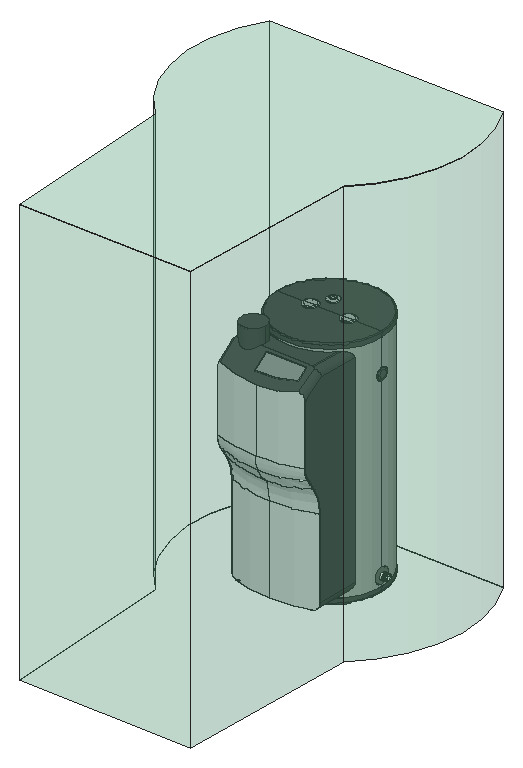
Revit family "Innovo GB_IR 32 285 GB NAT", category Mechanical Equipment, Revit 2015
Parameters (values of type "IR-32-285 GB NAT")
  Workspace Radius = Diameter + 170 mm  # 730 mm
  Workspace Height = Height + 1000 mm  # 2270 mm
  Workspace Front Distance = 1000 mm
  Working only during off-peak hour = no
  Width = Diameter  # 560 mm
  Workspace [instance] = yes
  Water heating energy efficiency class (2) = "-"
  Water heating energy efficiency class (1) = "A"  # constant formula
  Water heating energy efficiency (2) = "-"
  Water heating energy efficiency (1) = "92%"
  Warranty on tank = "36 months"  # constant formula
  Warranty on parts = "12 months"  # constant formula
  Voltage = 230 V  # constant formula
  Valve Height 02 = if(and(Height = 1745 mm, Diameter = 675 mm), 1518 mm, if(and(Height = 1745 mm, Diameter = 610 mm), 1534 mm, if(Height = 1545 mm, 1328 mm, 1070 mm)))  # 1070 mm
  Valve Height 01 = if(and(Diameter > 560 mm), 693 mm, 604 mm)  # 604 mm
  URL = "www.aosmith.co.uk"
  Type of Packaging = "Carton and Wood"  # constant formula
  Transport Weight = 114 kg
  Trade mark = "A.O. Smith"  # constant formula
  Thermostat temperature setting = 65 °C  # constant formula
  T&P Connection Rp = 3/4"
  Storage Capacity = 160.0 L
  Standard Set For = "G31"
  Stand-by Loss - daily (24h) = 0 W
  Stand-by Loss = 0 W
  Smart control = no
  Serial Number = "8717449285944"
  Seasonal Energy Efficiency Rating = [Energy Efficiency Rating (Hs, acc NEN-EN 89-1999)]  # 96
  Recovery Rate @ ΔT = 70°C = 150.0 L/s
  Recovery Rate @ ΔT = 55°C = 190.0 L/s
  Recovery Rate @ ΔT = 50°C = 200.0 L/s
  Recovery Rate @ ΔT = 44°C = 230.0 L/s
  Recovery Rate @ ΔT = 28°C = 360.0 L/s
  Product Instruction Link = ""
  Product Documentation Link = ""
  Precaustions during assembling, installation or maintenance = "see User, Installation, Service and Maintenance Manual"  # constant formula
  Power Consumption (peak) = 85 W
  Power Consumption (nominal) = 25 W
  Phase = 1
  Packaging Width = 786 mm  # constant formula
  Packaging Length = 946 mm  # constant formula
  Packaging Height = 1465 mm
  Other load profile = "-"
  Operating Weight = 274 kg
  Nominal Output = "11400"
  Nominal Heat Input (Net) = "10900"
  Nominal Heat Input (Gross) = "11800"
  Noice-level dB (A) = "<45"  # constant formula
  NOx Emissions mg/kWh = "38.0/23.0"
  NOx Emissions (air free, 0% O2) ppm = "23.0/14.0"
  Model identifier = "IR-12-160"
  Model = "IR-12-160 GB LP"
  Min. Setpoint = 40 °C  # constant formula
  Max. Setpoint = 85 °C  # constant formula
  Max. Operating Pressure = 550000.0 Pa
  Max. Flue Gas Outlet Temperature = 40 °C
  Manufacturer Number = "E 7110"  # constant formula
  Manufacturer = "A.O. Smith Water Products Company b.v."  # constant formula
  Maintenance Interval = "12 months"  # constant formula
  Load profile = "XL"
  Length = 780 mm  # constant formula
  Insulation Thickness = 50 mm
  Installation Type = "B23/C13/C33/C43/C53/C63"  # constant formula
  Indoor sound power level = "41 dB"
  Hot / Warm Water Connection R = 3/4"
  Height Warm Water Outlet = 1270 mm
  Height Gas Connection = 860 mm
  Height Flue Outlet = 1295 mm
  Height Cold Water Inlet = 170 mm
  Height Air Inlet = 1295 mm
  Height = 1270 mm
  Heating Up Time @ ΔT = 70°C = "42"
  Heating Up Time @ ΔT = 55°C = "34"
  Heating Up Time @ ΔT = 50°C = "31"
  Heating Up Time @ ΔT = 44°C = "27"
  Heating Up Time @ ΔT = 28°C = "17"
  Gas Supply Pressure = 3700.0 Pa
  Gas Flow Rate - Volume ltr/hr = "n.a."
  Gas Flow Rate - Mass kg/h = "0.80"
  Gas Connection R = 15"  # constant formula
  Gas Category = "II2E3P"  # constant formula
  Frequency = 50 Hz  # constant formula
  Flue Diameter - water heater = "80/125 mm/mm"  # constant formula
  Flue Diameter - parallel system = "2x80"  # constant formula
  Flue Diameter - concentric system = "80/125 mm/mm"  # constant formula
  Energy Efficiency Rating (Hs, acc NEN-EN 89-1999) = 96
  Energy Efficiency Rating (Hi, acc NEN-EN 89-1999) = 107
  Empty Weight = 95 kg
  Draw-off Capacity @ ΔT = 70°C after 90 min. = 270.0 L
  Draw-off Capacity @ ΔT = 70°C after 60 min. = 200.0 L
  Draw-off Capacity @ ΔT = 70°C after 30 min. = 120.0 L
  Draw-off Capacity @ ΔT = 70°C after 120 min. = 340.0 L
  Draw-off Capacity @ ΔT = 55°C after 90 min. = 370.0 L
  Draw-off Capacity @ ΔT = 55°C after 60 min. = 270.0 L
  Draw-off Capacity @ ΔT = 55°C after 30 min. = 180.0 L
  Draw-off Capacity @ ΔT = 55°C after 120 min. = 460.0 L
  Draw-off Capacity @ ΔT = 50°C after 90 min. = 410.0 L
  Draw-off Capacity @ ΔT = 50°C after 60 min. = 310.0 L
  Draw-off Capacity @ ΔT = 50°C after 30 min. = 210.0 L
  Draw-off Capacity @ ΔT = 50°C after 120 min. = 510.0 L
  Draw-off Capacity @ ΔT = 44°C after 90 min. = 480.0 L
  Draw-off Capacity @ ΔT = 44°C after 60 min. = 360.0 L
  Draw-off Capacity @ ΔT = 44°C after 30 min. = 250.0 L
  Draw-off Capacity @ ΔT = 44°C after 120 min. = 590.0 L
  Draw-off Capacity @ ΔT = 28°C after 90 min. = 780.0 L
  Draw-off Capacity @ ΔT = 28°C after 60 min. = 600.0 L
  Draw-off Capacity @ ΔT = 28°C after 30 min. = 420.0 L
  Draw-off Capacity @ ΔT = 28°C after 120 min. = 960.0 L
  Drain Valve Connection Rp = 3/4"  # constant formula
  Diameter = 560 mm
  Destination / Country = "UK & Ireland"  # constant formula
  Description = "Condensing High Efficiency Storage Water Heater"  # constant formula
  Default Setpoint = 65 °C  # constant formula
  Created By = "http://www.cadcompany.nl/"
  Condens Discharge Connection = 40 mm  # constant formula
  Cold Water Connection R = 3/4"  # constant formula
  Co2 Emissions (tol. +/- 1.0) vol% = "10"
  CE-PIN = "0063CQ3037"  # constant formula
  BIM Content Developer = "CAD & Company"  # constant formula
  Assembly Code = "D3010"
  Annual fuel consumption (2) = "-"
  Annual fuel consumption (1) = "16 GJ GCV"
  Annual electricity consumption (2) = "-"
  Annual electricity consumption (1) = "38 kWh"
  APS Pressure < = 115.0 Pa
  2nd Maintenance (general maintenance) = "12 months after installation"  # constant formula
  1e Maintenance (check-up) = "3 months after installation"  # constant formula
Reference planes
  plane 1 "Center (Front/Back)": y = 0
  plane 2: z = 0
  plane 3 "Center (Left/Right)": x = 0
  plane 4 "Pipe": through (-383.901, 912.349, 194.799) normal (-0.0879, -0.0879, 0.9923)
  plane 5 "footing": y = 118.925
  plane 6 "footing front": y = -237.85
  plane 7: x = -280
  plane 8: x = 280
  plane 9: z = 1270
Forms (mm)
  Revolve 1, solid, material "RAL 9005", detail levels medium+fine
    sketch origin (0, -237.85, 0) x (-1, 0, 0) y (0, 0, 1)
      loop
        line (0, 28.9) -> (-15, 28.9) -> (-15, 26.4) -> (-8.671, 26.4) -> (-8.671, 18) -> (-5.686, 18) -> (-6.626, 17.06) -> (-6.626, 12.06) -> (-8.671, 12.06) -> (-8.671, 10) -> (-10.031, 10) -> (-23.271, 5.181)
        arc (-23.271, 5.181) -> (-23.763, 4.836) -> (-24.017, 4.293) r 1.159
        line (-24.017, 4.293) -> (-24.017, 1.03)
        arc (-24.017, 1.03) -> (-23.715, 0.302) -> (-22.986, 0) r 1.03
        line (-22.986, 0) -> (0, 0) -> (0, 28.9)
      axis (0, 28.9) -> (0, 0)
    angle from 0 to 360
  Revolve 2, solid, material "RAL 9005", detail levels medium+fine
    sketch origin (0, 118.925, 0) x (-1, 0, 0) y (0, 0, 1)
      loop
        line (-180.984, 28.9) -> (-195.984, 28.9) -> (-195.984, 26.4) -> (-189.655, 26.4) -> (-189.655, 18) -> (-186.67, 18) -> (-187.61, 17.06) -> (-187.61, 12.06) -> (-189.655, 12.06) -> (-189.655, 10) -> (-191.015, 10) -> (-204.256, 5.181)
        arc (-204.256, 5.181) -> (-204.747, 4.836) -> (-205.001, 4.293) r 1.159
        line (-205.001, 4.293) -> (-205.001, 1.03)
        arc (-205.001, 1.03) -> (-204.699, 0.302) -> (-203.971, 0) r 1.03
        line (-203.971, 0) -> (-180.984, 0) -> (-180.984, 28.9)
      axis (-180.984, 28.9) -> (-180.984, 0)
    angle from 0 to 360
  Revolve 3, solid, material "RAL 9005", detail levels medium+fine
    sketch origin (0, 118.925, 0) x (-1, 0, 0) y (0, 0, 1)
      loop
        line (179.016, 28.9) -> (164.016, 28.9) -> (164.016, 26.4) -> (170.345, 26.4) -> (170.345, 18) -> (173.33, 18) -> (172.39, 17.06) -> (172.39, 12.06) -> (170.345, 12.06) -> (170.345, 10) -> (168.985, 10) -> (155.744, 5.181)
        arc (155.744, 5.181) -> (155.253, 4.836) -> (154.999, 4.293) r 1.159
        line (154.999, 4.293) -> (154.999, 1.03)
        arc (154.999, 1.03) -> (155.301, 0.302) -> (156.029, 0) r 1.03
        line (156.029, 0) -> (179.016, 0) -> (179.016, 28.9)
      axis (179.016, 28.9) -> (179.016, 0)
    angle from 0 to 360
Lines and regions (mm)
  symbolic lines
    curve 1: line (0, 280.06, 0) -> (0, -280.06, 0)
    curve 2: line (-255.06, 0, 0) -> (255.06, 0, 0)
  symbolic lines, style "Workspace"
    curve 3: line (623.261, 380.06, 0) -> (-623.261, 380.06, 0)
    curve 4: arc (-623.261, 380.06, 0) -> (-723.227, -99.209, 0) -> (-497.893, -533.856, 0) r 730
    curve 5: line (-497.893, -533.856, 0) -> (-454.283, -1492.825, 0)
    curve 6: line (-454.283, -1492.825, 0) -> (456.53, -1492.825, 0)
    curve 7: line (456.53, -1492.825, 0) -> (500.201, -531.695, 0)
    curve 8: arc (500.201, -531.695, 0) -> (723.44, -97.643, 0) -> (623.261, 380.06, 0) r 730
Dimensions and locks
  plane 5 "footing" to plane 1 "Center (Front/Back)" = 118.925 mm
  plane 1 "Center (Front/Back)" to plane 6 "footing front" = 237.85 mm
  "Diameter": plane 7 to plane 8
  equal spacing: plane 7, plane 3 "Center (Left/Right)", plane 8
  "Height": plane 9 to plane 2
  "Workspace Front Distance": curve 6 to nested 3
  "Workspace Radius": radius of curve 4
  "Workspace Radius": radius of curve 8
  aligned and locked: level to plane 2
  aligned and locked: nested 3 to Revolve 1 sketch curve
  aligned and locked: plane 3 "Center (Left/Right)" to Revolve 1 sketch curve
  aligned and locked: nested 3 to plane 1 "Center (Front/Back)"
  aligned and locked: plane 3 "Center (Left/Right)" to nested 3
  aligned and locked: nested 1 to plane 8
  aligned and locked: nested 5 to plane 8
  aligned and locked: nested 2 to plane 7
  aligned and locked: nested 4 to plane 7
  aligned and locked: nested 7 to plane 7
  aligned and locked: nested 8 to plane 3 "Center (Left/Right)"
  aligned and locked: plane 1 "Center (Front/Back)" to nested 8
  aligned and locked: nested 8 to nested 3
  aligned and locked: curve 5 to nested 8
  aligned and locked: curve 7 to nested 8
  aligned and locked: curve 3 to nested 8
Automatic sketch dimensions
  Revolve 1 sketch curve to level = 0 mm
  plane 3 "Center (Left/Right)" to Revolve 1 sketch curve = 5.686 mm
  Revolve 1 sketch curve to Revolve 1 sketch curve = 0.94 mm  (x2)
  Revolve 1 sketch curve to Revolve 1 sketch curve = 2.046 mm  (x2)
  Revolve 1 sketch curve to Revolve 1 sketch curve = 1.359 mm
  Revolve 1 sketch curve to Revolve 1 sketch curve = 6.329 mm
  level to Revolve 1 sketch curve = 4.091 mm
  Revolve 1 sketch curve to Revolve 1 sketch curve = 12.844 mm
  level to Revolve 1 sketch curve = 1.03 mm
  Revolve 1 sketch curve to Revolve 1 sketch curve = 0.111 mm
  level to Revolve 1 sketch curve = 5.181 mm
  Revolve 1 sketch curve to Revolve 1 sketch curve = 0.745 mm
  level to Revolve 1 sketch curve = 10 mm
  Revolve 1 sketch curve to Revolve 1 sketch curve = 2.06 mm
  Revolve 1 sketch curve to Revolve 1 sketch curve = 5 mm
  Revolve 1 sketch curve to Revolve 1 sketch curve = 8.4 mm
  Revolve 1 sketch curve to Revolve 1 sketch curve = 2.5 mm
  Revolve 1 sketch curve to level = 19.635 mm
  Revolve 1 sketch curve to Revolve 1 sketch curve = 46.465 mm
  Revolve 2 sketch curve to level = 0 mm
  level to Revolve 2 sketch curve = 1.03 mm
  Revolve 2 sketch curve to plane 8 = 74.999 mm
  level to Revolve 2 sketch curve = 5.181 mm
  Revolve 2 sketch curve to Revolve 2 sketch curve = 0.745 mm
  Revolve 2 sketch curve to Revolve 2 sketch curve = 0.397 mm
  Revolve 2 sketch curve to Revolve 2 sketch curve = 8.271 mm
  Revolve 2 sketch curve to Revolve 2 sketch curve = 13.241 mm
  Revolve 2 sketch curve to Revolve 2 sketch curve = 1.359 mm
  Revolve 2 sketch curve to Revolve 2 sketch curve = 6.329 mm
  Revolve 2 sketch curve to Revolve 2 sketch curve = 2.046 mm
  level to Revolve 2 sketch curve = 18 mm
  Revolve 2 sketch curve to Revolve 2 sketch curve = 0.94 mm  (x2)
  Revolve 2 sketch curve to Revolve 2 sketch curve = 8.671 mm
  Revolve 2 sketch curve to Revolve 2 sketch curve = 1.089 mm
  Revolve 2 sketch curve to Revolve 2 sketch curve = 8 mm
  Revolve 2 sketch curve to Revolve 2 sketch curve = 2.06 mm
  Revolve 2 sketch curve to Revolve 2 sketch curve = 8.4 mm
  Revolve 2 sketch curve to Revolve 2 sketch curve = 2.5 mm
  Revolve 2 sketch curve to Revolve 2 sketch curve = 0 mm
  Revolve 2 sketch curve to level = 19.635 mm
  Revolve 2 sketch curve to Revolve 2 sketch curve = 46.465 mm
  Revolve 3 sketch curve to level = 0 mm
  level to Revolve 3 sketch curve = 1.03 mm
  Revolve 3 sketch curve to plane 7 = 125.001 mm
  level to Revolve 3 sketch curve = 5.181 mm
  Revolve 3 sketch curve to Revolve 3 sketch curve = 0.745 mm
  Revolve 3 sketch curve to Revolve 3 sketch curve = 0.397 mm
  Revolve 3 sketch curve to Revolve 3 sketch curve = 8.271 mm
  Revolve 3 sketch curve to Revolve 3 sketch curve = 13.241 mm
  Revolve 3 sketch curve to Revolve 3 sketch curve = 1.359 mm
  Revolve 3 sketch curve to Revolve 3 sketch curve = 6.329 mm
  Revolve 3 sketch curve to Revolve 3 sketch curve = 2.046 mm
  level to Revolve 3 sketch curve = 18 mm
  Revolve 3 sketch curve to Revolve 3 sketch curve = 0.94 mm  (x2)
  Revolve 3 sketch curve to Revolve 3 sketch curve = 8.671 mm
  Revolve 3 sketch curve to Revolve 3 sketch curve = 1.089 mm
  Revolve 3 sketch curve to Revolve 3 sketch curve = 8 mm
  Revolve 3 sketch curve to Revolve 3 sketch curve = 2.06 mm
  Revolve 3 sketch curve to Revolve 3 sketch curve = 8.4 mm
  Revolve 3 sketch curve to Revolve 3 sketch curve = 2.5 mm
  Revolve 3 sketch curve to Revolve 3 sketch curve = 0 mm
  Revolve 3 sketch curve to level = 19.635 mm
  Revolve 3 sketch curve to Revolve 3 sketch curve = 46.465 mm
  curve 4 to curve 8 = 0 mm  (x2)
  plane 1 "Center (Front/Back)" to curve 2 = 0 mm
  curve 1 to plane 3 "Center (Left/Right)" = 0 mm
  plane 1 "Center (Front/Back)" to curve 4 = 0 mm
  curve 4 to plane 3 "Center (Left/Right)" = 0 mm
  curve 2 to plane 7 = 24.94 mm
  curve 2 to plane 8 = 24.94 mm
  curve 1 to plane 6 "footing front" = 42.21 mm
  plane 5 "footing" to curve 1 = 161.135 mm
Nested families
  nested 1: "Valve" at (280, -0.38, 1070) x (0, 1, 0) z (0, 0, 1), built-in parameter 1001364 <- "Valve Height 02", type "Valve"
  nested 2: "Drain Valve" at (-280, 0, 1070), built-in parameter 1001364 <- "Valve Height 02", type "Drain Valve"
  nested 3: "Housing Mother Housing S 57 (external)" at (0, -274.886, 0), type "Housing Mother_Housing S_57"
  nested 4: "Drain Valve" at (-280, 0, 177), type "Drain Valve"
  nested 5: "Drain Valve" at (280, 0, 107) x (-1, 0, 0) z (0, 0, 1), type "Drain Valve"
  nested 6: "Boiler" at (0, 0, 0), height <- "Height", type "Boiler"
    with height 1270 mm
  nested 7: "Drain Valve" at (-280, 0, 604), built-in parameter 1001364 <- "Valve Height 01", type "Drain Valve"
  nested 8: "Innovo_workspace" at (0, 0, 0), Workspace <- "Workspace", Workspace Distance Front <- "Workspace Front Distance", Workspace Height <- "Workspace Height", Workspace Radius <- "Workspace Radius", type "Workspace"
    with Workspace Radius 730 mm, Workspace Height 2270 mm, Workspace Distance Front 1000 mm, Workspace yes, Center to Front 492.825 mm
Connectors
  piping at (314.826, 0, 107), diameter 19.05, driven by "Drain Valve Connection Rp"
    settings: on nested 5, index 1, connector inside diameter 24", connector length 0 mm, flow factor 0, pipe flow 0.0 L/s, pressure drop 0.0 Pa, fitting loss kfactor 0, connector angle 0.00°, fixture units 0, engagement length 0 mm, angle of deflection 0.00°, flow configuration 0, flow direction 0, fitting loss method 0, system type 19, joint type 0, gender type 0, connector reference index -1, connector utility 0, adjustable connector no, is connector primary yes, connector description ""
  hvac at (-147.013, -321.326, 1310.674)
    settings: on nested 3, index 2, duct flow 0.0 L/s, flow factor 0, pres drop 0.0 Pa, loss coef 0, conn angle 0.00°, conn width 304.8 mm, conn height 304.8 mm, conn diameter 125 mm, duct sys type 4, conn prof type 0, flow config 0, flow direction 0, loss method 0, conn ref index -1, conn util no, is conn primary yes, conn desc ""
Definition of nested family "Valve"
  Parameters (values of type "Valve")
    Type Comments = "T&P valve (internal)"
    Manufacturer = "A.O. Smith"
  Reference planes
    plane 1 "Center (Front/Back)": y = 0
    plane 2: z = 0
    plane 3 "Center (Left/Right)": x = 0
  Forms (mm)
    Extrusion 1, solid, detail levels fine
      sketch origin (0, 0, 0) x (1, 0, 0) y (0, 0, 1)
        loop
          circle (0, 0) r 31.5
      from -2.271 to 1.4
    Sweep 2, solid, detail levels fine
      path origin (0, -1.4, 0) x (1, 0, 0) y (0, 0, 1)
        loop
          circle (0, 0) r 31.5
      profile origin (0, -1.4, 31.5) x (0, 0, -1) y (0, -1, 0)
        loop
          line (7.3, 0) -> (7.3, 3) -> (0, 0) -> (7.3, 0)
  Dimensions and locks
    aligned and locked: level to plane 2
Definition of nested family "Drain Valve"
  Reference planes
    plane 1 "Center (Front/Back)": y = 0
    plane 2: z = 0
    plane 3 "Center (Left/Right)": x = 0
  Forms (mm)
    Revolve 1, solid, detail levels medium+fine
      sketch origin (0, 0, 0) x (1, 0, 0) y (0, 0, 1)
        loop
          line (-33.442, 15.696) -> (-34.826, 14.329) -> (-34.93, 12.731) -> (-16.555, 12.731) -> (-16.555, 0) -> (15.787, 0) -> (15.787, 18.3) -> (-14.4, 18.3) -> (-17.148, 15.533) -> (-18.729, 16.697) -> (-20.091, 15.333) -> (-21.672, 16.496) -> (-23.034, 15.133) -> (-24.614, 16.296) -> (-25.976, 14.932) -> (-27.557, 16.096) -> (-28.919, 14.732) -> (-30.5, 15.896) -> (-31.862, 14.532) -> (-33.442, 15.696)
        axis (-34.93, 0) -> (15.787, 0)
      angle from 0 to 360
  Dimensions and locks
    aligned and locked: level to plane 2
  Nested families
    nested 1: "Rubber sealing" at (2.592, -0.155, 0) x (0.0023, -1, 0) z (0, 0, 1), type "Rubber sealing", detail levels fine
  Definition of nested family "Rubber sealing"
    Reference planes
      plane 1 "Center (Front/Back)": y = 0
      plane 2: z = 0
      plane 3 "Center (Left/Right)": x = 0
    Forms (mm)
      Extrusion 1, solid, detail levels fine
        sketch origin (141.861, 319.581, 0) x (1, 0, 0) y (0, 1, 0)
          loop
            line (-216.354, -311.898) -> (-216.354, -313.94)
            arc (-216.354, -313.94) -> (-141.602, -321.581) -> (-66.861, -313.835) r 366.966
            line (-66.861, -313.835) -> (-66.861, -311.791)
            arc (-66.861, -311.791) -> (-141.602, -319.581) -> (-216.354, -311.898) r 364.966
        from -80 to 80
      Extrusion 2, void
        sketch origin (141.861, 319.581, 0) x (1, 0, 0) y (0, 0, 1)
          loop
            circle (-141.861, 0) r 13
          loop
            circle (-141.861, 0) r 110
          loop
            circle (-141.861, 0) r 40
        from 311.563 to 332.684
      Extrusion 3, void
        sketch origin (141.861, 319.581, 0) x (1, 0, 0) y (0, 0, 1)
          loop
            circle (-141.861, 0) r 18.25
        from 315.524 to 326.084
    Cuts and joins
      Extrusion 2, Extrusion 3 cuts Extrusion 1
    Dimensions and locks
      aligned and locked: level to plane 2
Definition of nested family "Housing Mother Housing S 57 (external)"
  Parameters (values of type "Housing Mother_Housing S_57")
    radius [instance] = 280 mm
    distance to boiler center = if(diameter = 675 mm, 189 mm, if(diameter = 610 mm, 154 mm, 129 mm))  # 129 mm
    diameter = 560 mm
  Reference planes
    plane 1 "Center (Front/Back)": y = 0
    plane 2: z = 0
    plane 3 "Center (Left/Right)": x = 0
    plane 4 "left": through (-245.286, 145.886, 1200) normal (0.9994, 0.0349, 0)
    plane 5: y = -217.939
    plane 6: y = 145.886
    plane 7: z = 1232.6
    plane 8: z = 65.89
    plane 9 "right": through (245.286, 145.886, 1200) normal (0.9994, -0.0349, 0)
    plane 10 "display": through (0, -90.37, 1221.196) normal (0, -0.5736, 0.8192)
    plane 11 "Potentiostat": z = 867.899
    plane 12 "boiler center": y = 274.886
    plane 13: x = -280
    plane 14: x = 280
  Forms (mm)
    Extrusion 1, solid
      sketch origin (0, 0, 0) x (1, 0, 0) y (0, 1, 0)
        loop
          line (-245.286, 145.886) -> (-232.581, -217.939) -> (232.581, -217.939) -> (245.286, 145.886)
          arc (245.286, 145.886) -> (0, 0.923) -> (-245.286, 145.886) r 280
      from 0 to 1232.6
    Sweep 2, void
      path origin (0, 0, 0) x (0, 1, 0) y (0, 0, 1)
        loop
          line (-217.939, 1232.6) -> (-217.939, 795.555)
          arc (-217.939, 795.555) -> (-212.387, 754.285) -> (-197.694, 715.322) r 183.924
          arc (-197.694, 715.322) -> (-179.915, 684.628) -> (-159.106, 655.901) r 348.284
          arc (-159.106, 655.901) -> (-131.411, 600.328) -> (-121.88, 538.973) r 202.254
          line (-121.88, 538.973) -> (-121.88, 61.106)
      profile origin (0, -217.939, 1014.077) x (1, 0, 0) y (0, 1, 0)
        loop
          arc (0, 0) -> (-117.533, 9.941) -> (-231.728, 39.475) r 699.984
          arc (-231.728, 39.475) -> (-233.391, 40.705) -> (-234.07, 42.659) r 3.505
          line (-234.07, 42.659) -> (-254.062, 42.659) -> (-254.062, -142.593) -> (254.07, -142.593) -> (254.07, 42.659) -> (234.07, 42.659)
          arc (234.07, 42.659) -> (233.391, 40.705) -> (231.728, 39.475) r 3.505
          arc (231.728, 39.475) -> (117.533, 9.941) -> (0, 0) r 699.984
    Extrusion 3, void
      sketch origin (0, 0, 0) x (0, 1, 0) y (0, 0, 1)
        loop
          arc (102.864, 70.869) -> (99.804, 70.709) -> (96.874, 69.813) r 12.57
          arc (96.874, 69.813) -> (87.878, 66.533) -> (78.516, 64.529) r 69.114
          arc (78.516, 64.529) -> (76.41, 64.284) -> (74.294, 64.148) r 41.206
          arc (74.294, 64.148) -> (65.203, 64.335) -> (56.122, 64.782) r 318.661
          arc (56.122, 64.782) -> (30.585, 66.179) -> (5.028, 67.128) r 1456.581
          line (5.028, 67.128) -> (-84.534, 73.135)
          arc (-84.534, 73.135) -> (-86.363, 73.808) -> (-87.536, 75.365) r 3.455
          line (-87.536, 75.365) -> (-264.473, 75.365) -> (-264.473, 0) -> (160.886, 0) -> (160.886, 103.945) -> (145.886, 103.945)
          arc (145.886, 103.945) -> (145.104, 97.827) -> (142.923, 92.059) r 26.364
          arc (142.923, 92.059) -> (141.067, 88.936) -> (138.867, 86.045) r 31.715
          arc (138.867, 86.045) -> (135.576, 82.49) -> (132.021, 79.2) r 62.615
          arc (132.021, 79.2) -> (125.841, 74.697) -> (119.091, 71.103) r 54.444
          arc (119.091, 71.103) -> (116.371, 70.272) -> (113.531, 70.123) r 11.669
          line (113.531, 70.123) -> (102.864, 70.869)
      from -254.062 to 254.07
    Sweep 4, void
      path origin (0, 0, 0) x (1, 0, 0) y (0, 1, 0)
        loop
          line (-245.286, 145.886) -> (-232.581, -217.939)
      profile origin (-238.933, -36.027, 0) x (0.999391, 0.034899, 0) y (0, 0, 1)
        loop
          line (-4.454, 0) -> (47.084, 0) -> (47.084, 73.431)
          arc (47.084, 73.431) -> (14.222, 85.134) -> (0.255, 117.1) r 43.922
          line (0.255, 117.1) -> (-4.454, 117.1) -> (-4.454, 0)
    Sweep 5, void
      path origin (0, 0, 0) x (-1, 0, 0) y (0, 1, 0)
        loop
          line (-245.286, 145.886) -> (-232.581, -217.939)
      profile origin (238.933, -36.027, 0) x (0.999391, -0.034899, 0) y (0, 0, 1)
        loop
          line (4.454, 0) -> (4.454, 117.1) -> (-0.255, 117.1)
          arc (-0.255, 117.1) -> (-14.222, 85.134) -> (-47.084, 73.431) r 43.922
          line (-47.084, 73.431) -> (-47.084, 0) -> (4.454, 0)
    Sweep 6, void
      path origin (-239.899, -8.377, 0) x (-0.034899, 0.999391, 0) y (0, 0, 1)
        loop
          line (-209.69, 1141.272) -> (-79.18, 1232.6) -> (154.358, 1232.6)
      profile origin (-241.211, 29.188, 1232.6) x (0, 0, 1) y (0.999391, 0.034899, 0)
        loop
          line (-45, -30) -> (75, -30) -> (75, 0) -> (75, 55) -> (2.799, 55) -> (-1.253, 35.128)
          arc (-1.253, 35.128) -> (-16.771, 9.564) -> (-45, -0.308) r 44.287
          line (-45, -0.308) -> (-45, -30)
    Sweep 7, void
      path origin (239.899, -8.377, 0) x (0.034899, 0.999391, 0) y (0, 0, 1)
        loop
          line (-209.69, 1141.272) -> (-79.18, 1232.6) -> (154.358, 1232.6)
      profile origin (241.211, 29.188, 1232.6) x (0, 0, -1) y (-0.999391, 0.034899, 0)
        loop
          line (-75, -25) -> (45, -25) -> (45, -0.308)
          arc (45, -0.308) -> (16.771, 9.564) -> (1.253, 35.128) r 44.287
          line (1.253, 35.128) -> (-2.799, 55) -> (-75, 55) -> (-75, -25)
    Extrusion 8, void
      sketch origin (0, 0, 0) x (0, 1, 0) y (0, 0, 1)
        loop
          line (-270, 1336.099) -> (-270, 1099.081) -> (68.497, 1336.099) -> (-270, 1336.099)
      from -425.038 to 444.42
    Extrusion 9, solid, detail levels medium+fine
      sketch origin (0, 0, 0) x (1, 0, 0) y (0, 1, 0)
        loop
          circle (-147.013, -46.44) r 65
      from 1163.174 to 1310.674
    Extrusion 10, void
      sketch origin (0, -603.506, 861.895) x (0, 0.819152, 0.573576) y (-1, 0, 0)
        loop
          arc (618.322, -173) -> (623.272, -170.95) -> (625.322, -166) r 7
          line (625.322, -166) -> (625.322, 35)
          arc (625.322, 35) -> (623.272, 39.95) -> (618.322, 42) r 7
          line (618.322, 42) -> (535.473, 42)
          arc (535.473, 42) -> (530.688, 40.11) -> (528.488, 35.46) r 7
          arc (528.488, 35.46) -> (531.569, -67.592) -> (554.18, -168.18) r 540
          arc (554.18, -168.18) -> (556.724, -171.668) -> (560.831, -173) r 7
          line (560.831, -173) -> (618.322, -173)
      from 0 to 137.286
    Sweep 11, solid, detail levels fine
      path origin (0, 0, 867.899) x (-1, 0, 0) y (0, -1, 0)
        loop
          line (309.749, -35.617) -> (204.371, -35.617)
          arc (204.371, -35.617) -> (196.509, -34.687) -> (189.082, -31.947) r 33.677
          line (189.082, -31.947) -> (-9.574, 69.274)
      profile origin (-257.06, 35.617, 867.899) x (0, 1, 0) y (0, 0, 1)
        loop
          circle (0, 0) r 7.316
        loop
          circle (0, 0) r 6.465
    Revolve 12, void
      sketch origin (0, 274.886, 0) x (-1, 0, 0) y (0, 0, 1)
        loop
          line (280, 1243.838) -> (0, 1243.838) -> (0, 54.9) -> (280, 54.9) -> (280, 1243.838)
        axis (0, 1243.838) -> (0, 54.9)
      angle from 0 to 360
  Cuts and joins
    Sweep 2, Extrusion 3, Sweep 4, Sweep 5, Sweep 6, Sweep 7, Extrusion 8, Extrusion 10, Revolve 12 cuts Extrusion 1
  Dimensions and locks
    plane 8 to plane 2 = 65.89 mm
    plane 7 to plane 8 = 1166.71 mm
    "distance to boiler center": plane 12 "boiler center" to plane 6
    "diameter": plane 14 to plane 13
    equal spacing: plane 14, plane 3 "Center (Left/Right)", plane 13
    "radius": plane 3 "Center (Left/Right)" to plane 13
    aligned and locked: level to plane 2
    aligned and locked: Extrusion 1 to plane 7
    aligned and locked: Extrusion 1 sketch curve to plane 5
    aligned and locked: Sweep 2 to Extrusion 3
    aligned and locked: Extrusion 3 to Sweep 2  (x2)
    aligned and locked: plane 7 to Sweep 2 sketch curve
    aligned and locked: plane 3 "Center (Left/Right)" to Revolve 12 sketch curve
    aligned and locked: Revolve 12 sketch curve to plane 3 "Center (Left/Right)"
    aligned and locked: plane 13 to Revolve 12 sketch curve
  Automatic sketch dimensions
    Extrusion 1 sketch curve to plane 4 "left" = 0 mm  (x2)
    Extrusion 1 sketch curve to plane 6 = 0 mm  (x2)
    Extrusion 1 sketch curve to plane 3 "Center (Left/Right)" = 0 mm
    Extrusion 1 sketch curve to plane 9 "right" = 0 mm
    plane 6 to Extrusion 1 sketch curve = 135.037 mm
    Sweep 2 sketch curve to plane 5 = 0 mm
    plane 5 to Sweep 2 sketch curve = 106.195 mm
    Sweep 2 sketch curve to plane 5 = 96.059 mm
    plane 1 "Center (Front/Back)" to Sweep 2 sketch curve = 34.053 mm
    plane 11 "Potentiostat" to Sweep 2 sketch curve = 6.417 mm
    Sweep 2 sketch curve to plane 6 = 33.705 mm
    Sweep 2 sketch curve to plane 11 "Potentiostat" = 68.615 mm
    Sweep 2 sketch curve to plane 11 "Potentiostat" = 72.345 mm
    Sweep 2 sketch curve to Sweep 2 sketch curve = 176.349 mm
    Sweep 2 sketch curve to Sweep 2 sketch curve = 0 mm  (x2)
    plane 8 to Sweep 2 sketch curve = 4.784 mm
    Extrusion 3 sketch curve to level = 0 mm
    Extrusion 3 sketch curve to plane 6 = 0 mm
    Extrusion 3 sketch curve to plane 6 = 26.363 mm
    Extrusion 3 sketch curve to Extrusion 3 sketch curve = 4.75 mm
    Extrusion 3 sketch curve to Extrusion 3 sketch curve = 5.179 mm
    Extrusion 3 sketch curve to plane 8 = 4.232 mm
    Extrusion 3 sketch curve to Extrusion 3 sketch curve = 0.814 mm
    Extrusion 3 sketch curve to plane 8 = 4.978 mm
    Extrusion 3 sketch curve to Extrusion 3 sketch curve = 10.667 mm
    Extrusion 3 sketch curve to Extrusion 3 sketch curve = 0.877 mm
    Extrusion 3 sketch curve to Extrusion 3 sketch curve = 17.827 mm
    Extrusion 3 sketch curve to Extrusion 3 sketch curve = 5.646 mm
    Extrusion 3 sketch curve to plane 6 = 69.562 mm
    Extrusion 3 sketch curve to Extrusion 3 sketch curve = 18.6 mm
    Extrusion 3 sketch curve to Extrusion 3 sketch curve = 22.538 mm
    Extrusion 3 sketch curve to plane 8 = 1.238 mm
    Extrusion 3 sketch curve to plane 1 "Center (Front/Back)" = 5.028 mm
    plane 1 "Center (Front/Back)" to Extrusion 3 sketch curve = 36.224 mm
    Extrusion 3 sketch curve to plane 8 = 10.692 mm
    plane 1 "Center (Front/Back)" to Extrusion 3 sketch curve = 84.302 mm
    Extrusion 3 sketch curve to plane 8 = 7.244 mm
    Extrusion 3 sketch curve to Extrusion 3 sketch curve = 0.231 mm
    Extrusion 3 sketch curve to Extrusion 3 sketch curve = 3.234 mm
    plane 5 to Extrusion 3 sketch curve = 46.534 mm
    plane 6 to Extrusion 3 sketch curve = 15 mm
    Extrusion 3 sketch curve to level = 1388.869 mm
    plane 8 to Extrusion 3 sketch curve = 7.561 mm
    Extrusion 3 sketch curve to Extrusion 3 sketch curve = 11.64 mm
    Extrusion 3 sketch curve to plane 8 = 38.054 mm
    Extrusion 3 sketch curve to Extrusion 3 sketch curve = 22.442 mm
    Extrusion 3 sketch curve to plane 8 = 39.432 mm
    Extrusion 3 sketch curve to Extrusion 3 sketch curve = 2.466 mm
    Extrusion 3 sketch curve to Extrusion 3 sketch curve = 14.17 mm
    Extrusion 3 sketch curve to Extrusion 3 sketch curve = 5.925 mm
    Extrusion 3 sketch curve to Extrusion 3 sketch curve = 6.186 mm
    Extrusion 3 sketch curve to Extrusion 3 sketch curve = 249.85 mm
    Extrusion 3 sketch curve to Extrusion 3 sketch curve = 0 mm  (x4)
    Extrusion 3 sketch curve to Extrusion 3 sketch curve = 6.845 mm
    plane 8 to Extrusion 3 sketch curve = 1.743 mm
    Sweep 4 sketch curve to plane 4 "left" = 0 mm  (x2)
    Sweep 4 sketch curve to plane 6 = 0 mm
    plane 5 to Sweep 4 sketch curve = 0 mm
    Sweep 4 sketch curve to level = 0 mm
    profile plane to Sweep 4 sketch curve = 4.454 mm
    Sweep 4 sketch curve to profile plane = 0.255 mm
    Sweep 4 sketch curve to Sweep 4 sketch curve = 43.922 mm
    Sweep 4 sketch curve to profile plane = 47.084 mm
    level to Sweep 4 sketch curve = 73.431 mm
    Sweep 4 sketch curve to Sweep 4 sketch curve = 43.669 mm
    Sweep 5 sketch curve to plane 6 = 0 mm
    Sweep 5 sketch curve to plane 9 "right" = 0 mm  (x2)
    plane 5 to Sweep 5 sketch curve = 0 mm
    Sweep 5 sketch curve to level = 0 mm
    profile plane to Sweep 5 sketch curve = 47.084 mm
    Sweep 5 sketch curve to Sweep 5 sketch curve = 2.907 mm
    profile plane to Sweep 5 sketch curve = 0.255 mm
    Sweep 5 sketch curve to profile plane = 4.454 mm
    level to Sweep 5 sketch curve = 73.431 mm
    Sweep 5 sketch curve to Sweep 5 sketch curve = 43.669 mm
    Sweep 6 sketch curve to plane 7 = 0 mm
    plane 7 to Sweep 6 sketch curve = 91.328 mm
    Sweep 6 sketch curve to Sweep 6 sketch curve = 130.509 mm
    Sweep 6 sketch curve to Sweep 6 sketch curve = 233.538 mm
    Sweep 6 sketch curve to plane 4 "left" = 0 mm
    profile plane to Sweep 6 sketch curve = 45 mm
    Sweep 6 sketch curve to Sweep 6 sketch curve = 0.354 mm
    profile plane to Sweep 6 sketch curve = 1.253 mm
    Sweep 6 sketch curve to profile plane = 2.799 mm
    Sweep 6 sketch curve to Sweep 6 sketch curve = 72.201 mm
    Sweep 6 sketch curve to plane 4 "left" = 0.308 mm
    Sweep 6 sketch curve to Sweep 6 sketch curve = 29.692 mm
    plane 4 "left" to Sweep 6 sketch curve = 35.128 mm
    plane 4 "left" to Sweep 6 sketch curve = 55 mm
    Sweep 7 sketch curve to plane 7 = 0 mm
    Sweep 7 sketch curve to plane 7 = 91.328 mm
    Sweep 7 sketch curve to Sweep 7 sketch curve = 130.509 mm
    Sweep 7 sketch curve to Sweep 7 sketch curve = 233.538 mm
    Sweep 7 sketch curve to plane 9 "right" = 25 mm
    profile plane to Sweep 7 sketch curve = 75 mm
    profile plane to Sweep 7 sketch curve = 2.799 mm
    Sweep 7 sketch curve to profile plane = 1.253 mm
    Sweep 7 sketch curve to Sweep 7 sketch curve = 43.393 mm
    Sweep 7 sketch curve to profile plane = 45 mm
    Sweep 7 sketch curve to plane 9 "right" = 0.308 mm
    plane 9 "right" to Sweep 7 sketch curve = 35.128 mm
    Sweep 7 sketch curve to Sweep 7 sketch curve = 19.872 mm
    plane 5 to Extrusion 8 sketch curve = 52.061 mm
    Extrusion 8 sketch curve to plane 1 "Center (Front/Back)" = 68.497 mm
    plane 7 to Extrusion 8 sketch curve = 133.519 mm
    Extrusion 8 sketch curve to plane 7 = 103.499 mm
    plane 1 "Center (Front/Back)" to Extrusion 9 sketch curve = 46.44 mm
    Extrusion 9 sketch curve to plane 3 "Center (Left/Right)" = 147.013 mm
    Extrusion 10 sketch curve to plane 3 "Center (Left/Right)" = 0 mm
    Extrusion 10 sketch curve to plane 3 "Center (Left/Right)" = 35 mm
    Extrusion 10 sketch curve to Extrusion 10 sketch curve = 25.359 mm
    Extrusion 10 sketch curve to Extrusion 10 sketch curve = 57.491 mm
    Extrusion 10 sketch curve to plane 3 "Center (Left/Right)" = 42 mm
    Extrusion 10 sketch curve to Extrusion 10 sketch curve = 82.85 mm
    Extrusion 10 sketch curve to Extrusion 10 sketch curve = 7 mm
    Extrusion 10 sketch curve to Extrusion 10 sketch curve = 442 mm
    plane 3 "Center (Left/Right)" to Extrusion 10 sketch curve = 166 mm
    Extrusion 10 sketch curve to Extrusion 10 sketch curve = 0 mm  (x2)
    Sweep 11 sketch curve to plane 1 "Center (Front/Back)" = 31.947 mm
    Sweep 11 sketch curve to plane 3 "Center (Left/Right)" = 189.082 mm
    Sweep 11 sketch curve to plane 1 "Center (Front/Back)" = 1.94 mm
    Sweep 11 sketch curve to Sweep 11 sketch curve = 15.289 mm
    plane 3 "Center (Left/Right)" to Sweep 11 sketch curve = 9.574 mm
    Sweep 11 sketch curve to Sweep 11 sketch curve = 105.378 mm
    plane 1 "Center (Front/Back)" to Sweep 11 sketch curve = 69.274 mm
    Sweep 11 sketch curve to Sweep 11 sketch curve = 0 mm  (x2)
    Sweep 11 sketch curve to plane 11 "Potentiostat" = 0 mm
    Sweep 11 sketch curve to profile plane = 0 mm
    plane 8 to Revolve 12 sketch curve = 10.99 mm
    Revolve 12 sketch curve to plane 7 = 11.238 mm
    Revolve 12 sketch curve to level = 366.045 mm
    Revolve 12 sketch curve to Revolve 12 sketch curve = 971.917 mm
    Sweep 2 sketch curve to plane 3 "Center (Left/Right)" = 0 mm
    profile plane to Sweep 2 sketch curve = 0 mm
    Sweep 2 sketch curve to plane 3 "Center (Left/Right)" = 0.016 mm
    Sweep 2 sketch curve to profile plane = 42.782 mm  (x2)
    Sweep 2 sketch curve to plane 3 "Center (Left/Right)" = 230.568 mm
    plane 3 "Center (Left/Right)" to Sweep 2 sketch curve = 0.016 mm
    plane 3 "Center (Left/Right)" to Sweep 2 sketch curve = 230.568 mm
    Sweep 2 sketch curve to Sweep 2 sketch curve = 3.502 mm  (x2)
    Sweep 2 sketch curve to Sweep 2 sketch curve = 20 mm
    profile plane to Sweep 2 sketch curve = 142.593 mm
    Sweep 2 sketch curve to Sweep 2 sketch curve = 0.122 mm  (x2)
    Sweep 2 sketch curve to Sweep 2 sketch curve = 657.203 mm
    Sweep 2 sketch curve to Sweep 2 sketch curve = 19.991 mm
    radius of Extrusion 9 sketch curve = 65 mm
    radius of Sweep 11 sketch curve = 7.316 mm
    radius of Sweep 11 sketch curve = 6.465 mm
  Nested families
    nested 1: "display" at (65.5, -130.939, 1192.79) x (-1, 0, 0) z (0, -0.5736, 0.8192), type "display"
  Definition of nested family "display"
    Parameters (values of type "display")
      Default Elevation = 1219.2 mm
    Reference planes
      plane 1 "Center (Front/Back)": y = 0
      plane 2: z = 0
      plane 3 "Center (Left/Right)": x = 0
    Forms (mm)
      Extrusion 1, solid, detail levels medium+fine
        sketch origin (-16.958, 11.842, -343.878) x (1, 0, 0) y (0, 0, -1)
          loop
            line (-233.523, -343.878) -> (-233.523, -346.592) -> (332.686, -346.592) -> (332.686, -343.878) -> (-233.523, -343.878)
        from -228.7 to 150.822
      Extrusion 2, void
        sketch origin (-16.958, 6.842, -343.878) x (1, 0, 0) y (0, 1, 0)
          loop
            line (-233.523, 155.822) -> (-233.523, -223.7) -> (332.686, -223.7) -> (332.686, 155.822) -> (-233.523, 155.822)
          loop
            arc (-90.542, -48.267) -> (-88.492, -53.216) -> (-83.542, -55.267) r 7
            line (-83.542, -55.267) -> (117.458, -55.267)
            arc (117.458, -55.267) -> (122.408, -53.216) -> (124.458, -48.267) r 7
            line (124.458, -48.267) -> (124.458, 34.583)
            arc (124.458, 34.583) -> (122.568, 39.368) -> (117.918, 41.568) r 7
            arc (117.918, 41.568) -> (14.866, 38.487) -> (-85.722, 15.876) r 540
            arc (-85.722, 15.876) -> (-89.21, 13.332) -> (-90.542, 9.224) r 7
            line (-90.542, 9.224) -> (-90.542, -48.267)
        from 328.878 to 363.083
    Cuts and joins
      Extrusion 2 cuts Extrusion 1
    Dimensions and locks
      aligned and locked: level to plane 2
Definition of nested family "Boiler"
  Parameters (values of type "Boiler")
    radius [instance] = 280 mm
    height [instance] = 1270 mm
    Diameter = 560 mm
  Reference planes
    plane 1 "Center (Front/Back)": y = 0
    plane 2: z = 0
    plane 3 "Center (Left/Right)": x = 0
    plane 4: z = 1243.838
    plane 5: z = 1270
    plane 6 "bottom": z = 28.9
    plane 7: z = 54.9
    plane 8 "top controle": y = 88
    plane 9: x = -280
    plane 10: x = 280
  Forms (mm)
    Revolve 1, solid
      sketch origin (0, 0, 0) x (1, 0, 0) y (0, 0, 1)
        loop
          line (0, 54.9) -> (-280, 54.9) -> (-280, 32.9)
          arc (-280, 32.9) -> (-278.828, 30.072) -> (-276, 28.9) r 4
          line (-276, 28.9) -> (0, 28.9) -> (0, 54.9)
        axis (0, 28.9) -> (0, 54.9)
      angle from 0 to 360
    Revolve 2, solid
      sketch origin (1.311, 0, 0) x (1, 0, 0) y (0, 0, 1)
        loop
          line (-278.86, 1243.838) -> (-278.86, 54.9) -> (-1.311, 54.9) -> (-1.311, 1243.838) -> (-278.86, 1243.838)
        axis (-1.311, 1243.838) -> (-1.311, 54.9)
      angle from 0 to 360
    Revolve 3, solid
      sketch origin (-9.205, 0, 377.212) x (-1, 0, 0) y (0, 0, 1)
        loop
          line (-148.904, 892.788) -> (-110.805, 892.788) -> (-110.805, 895.963) -> (-141.883, 895.963) -> (-148.904, 893.62) -> (-148.904, 892.788)
        axis (-110.805, 892.788) -> (-110.805, 895.963)
      angle from 0 to 360
    Revolve 4, solid
      sketch origin (0, 0, 718.065) x (1, 0, 0) y (0, 0, -1)
        loop
          line (0, -525.773) -> (-280, -525.773) -> (-280, -547.935)
          arc (-280, -547.935) -> (-278.828, -550.763) -> (-276, -551.935) r 4
          line (-276, -551.935) -> (0, -551.935) -> (0, -525.773)
        axis (0, -551.935) -> (0, -525.773)
      angle from 0 to 360
    Revolve 5, solid
      sketch origin (0, 88, 0) x (1, 0, 0) y (0, 0, 1)
        loop
          line (-19.051, 1270) -> (-19.051, 1271.074) -> (-32.63, 1275.604) -> (-32.63, 1271.117) -> (-37.266, 1271.117) -> (-38.383, 1270) -> (-19.051, 1270)
        axis (-50.8, 1270) -> (-50.8, 1275.604)
      angle from 0 to 360
    Revolve 6, solid
      sketch origin (-217.12, 0, 372.245) x (-1, 0, 0) y (0, 0, 1)
        loop
          line (-153.622, 897.755) -> (-115.52, 897.755) -> (-115.52, 900.93) -> (-146.626, 900.93) -> (-153.622, 898.596) -> (-153.622, 897.755)
        axis (-115.52, 897.755) -> (-115.52, 900.93)
      angle from 0 to 360
  Dimensions and locks
    "height": plane 5 to plane 2
    plane 6 "bottom" to plane 2 = 28.9 mm
    locked: plane 5 to plane 4 at 26.162
    locked: plane 1 "Center (Front/Back)" to plane 8 "top controle" at 88
    "Diameter": plane 10 to plane 9
    equal spacing: plane 10, plane 3 "Center (Left/Right)", plane 9
    "radius": plane 3 "Center (Left/Right)" to plane 9
    locked: plane 9 to Revolve 2 sketch curve at 2.452
    aligned and locked: level to plane 2
    aligned and locked: Revolve 2 sketch curve to plane 7
    aligned and locked: Revolve 2 sketch curve to plane 4
    aligned and locked: Revolve 1 sketch curve to plane 7
    aligned and locked: plane 6 "bottom" to Revolve 1 sketch curve
    aligned and locked: Revolve 4 sketch curve to plane 3 "Center (Left/Right)"
    aligned and locked: plane 5 to Revolve 4 sketch curve
    aligned and locked: Revolve 4 sketch curve to plane 4
    aligned and locked: plane 9 to Revolve 4 sketch curve
    aligned and locked: Revolve 1 sketch curve to plane 9
    aligned and locked: Revolve 2 sketch curve to plane 3 "Center (Left/Right)"
    aligned and locked: plane 3 "Center (Left/Right)" to Revolve 2 sketch curve
  Automatic sketch dimensions
    Revolve 1 sketch curve to plane 3 "Center (Left/Right)" = 0 mm  (x2)
    Revolve 1 sketch curve to Revolve 1 sketch curve = 4 mm
    Revolve 1 sketch curve to level = 40 mm
    Revolve 1 sketch curve to Revolve 1 sketch curve = 305.1 mm
    Revolve 2 sketch curve to level = 366.045 mm
    Revolve 2 sketch curve to plane 5 = 945.755 mm
    Revolve 3 sketch curve to plane 5 = 0 mm
    Revolve 3 sketch curve to plane 3 "Center (Left/Right)" = 139.699 mm
    plane 5 to Revolve 3 sketch curve = 3.175 mm
    Revolve 3 sketch curve to Revolve 3 sketch curve = 7.022 mm
    Revolve 3 sketch curve to Revolve 3 sketch curve = 31.078 mm
    Revolve 3 sketch curve to Revolve 3 sketch curve = 0.832 mm
    Revolve 3 sketch curve to Revolve 3 sketch curve = 0 mm
    Revolve 3 sketch curve to Revolve 3 sketch curve = 2.338 mm
    Revolve 3 sketch curve to Revolve 3 sketch curve = 4.487 mm
    Revolve 4 sketch curve to plane 3 "Center (Left/Right)" = 0 mm
    Revolve 4 sketch curve to Revolve 4 sketch curve = 4 mm
    Revolve 4 sketch curve to Revolve 4 sketch curve = 68.738 mm
    Revolve 4 sketch curve to Revolve 4 sketch curve = 305.1 mm
    Revolve 6 sketch curve to plane 5 = 0 mm
    plane 3 "Center (Left/Right)" to Revolve 6 sketch curve = 63.497 mm
    plane 5 to Revolve 6 sketch curve = 3.175 mm
    Revolve 6 sketch curve to Revolve 6 sketch curve = 6.997 mm
    Revolve 6 sketch curve to Revolve 6 sketch curve = 31.106 mm
    Revolve 6 sketch curve to Revolve 6 sketch curve = 0.84 mm
    Revolve 6 sketch curve to Revolve 6 sketch curve = 0 mm
    Revolve 6 sketch curve to Revolve 6 sketch curve = 7.216 mm
    Revolve 6 sketch curve to Revolve 6 sketch curve = 0.391 mm
    Revolve 5 sketch curve to Revolve 5 sketch curve = 13.578 mm
    Revolve 5 sketch curve to Revolve 5 sketch curve = 1.074 mm
    Revolve 5 sketch curve to Revolve 5 sketch curve = 12.417 mm
    Revolve 5 sketch curve to Revolve 5 sketch curve = 5.753 mm
    Revolve 5 sketch curve to plane 5 = 1.117 mm
    Revolve 5 sketch curve to Revolve 5 sketch curve = 1.117 mm
    plane 5 to Revolve 5 sketch curve = 4.396 mm
    Revolve 5 sketch curve to plane 5 = 0 mm
    Revolve 5 sketch curve to Revolve 5 sketch curve = 4.487 mm
    Revolve 5 sketch curve to plane 3 "Center (Left/Right)" = 38.383 mm
    Revolve 5 sketch curve to plane 5 = 5.604 mm
Definition of nested family "Innovo_workspace"
  Parameters (values of type "Workspace")
    Workspace Radius [instance] = 730 mm
    Workspace Height [instance] = 2270 mm
    Workspace Distance Front [instance] = 1000 mm
    Workspace [instance] = yes
    URL = "www.aosmith.nl"
    Model = ""
    Manufacturer = "A.O. Smith Water Products Company b.v."  # constant formula
    Description = ""
    Created By = ""
    Center to Front [instance] = 492.825 mm
    BIM Content Developer = "CAD & Company"  # constant formula
    Assembly Code = ""
  Reference planes
    plane 1 "Center (Front/Back)": y = 0
    plane 2: z = 0
    plane 3 "Center (Left/Right)": x = 0
    plane 4 "Pipe": through (-383.901, 912.349, 194.799) normal (-0.0879, -0.0879, 0.9923)
    plane 5 "front": y = -492.825
  Forms (mm)
    Extrusion 1, solid, visible <- "Workspace"
      sketch origin (0, 0, 0) x (1, 0, 0) y (0, 1, 0)
        loop
          line (456.53, -1492.825) -> (500.201, -531.695)
          arc (500.201, -531.695) -> (723.44, -97.643) -> (623.261, 380.06) r 730
          line (623.261, 380.06) -> (-623.261, 380.06)
          arc (-623.261, 380.06) -> (-723.227, -99.209) -> (-497.893, -533.856) r 730
          line (-497.893, -533.856) -> (-454.283, -1492.825) -> (456.53, -1492.825)
      from 0 to 2270 <- "Workspace Height"
  Lines and regions (mm)
    symbolic lines
      curve 1: line (0, 280.06, 0) -> (0, -280.06, 0)
      curve 2: line (-255.06, 0, 0) -> (255.06, 0, 0)
  Dimensions and locks
    locked: Extrusion 1 sketch curve to curve 1 at 100
    "Workspace Distance Front": plane 5 "front" to Extrusion 1
    "Center to Front": plane 1 "Center (Front/Back)" to plane 5 "front"
    "Workspace Radius": radius of Extrusion 1 sketch curve  (x2)
    aligned and locked: level to plane 2
  Automatic sketch dimensions
    plane 1 "Center (Front/Back)" to curve 2 = 0 mm
    curve 1 to plane 3 "Center (Left/Right)" = 0 mm
    plane 3 "Center (Left/Right)" to curve 2 = 255.06 mm
    curve 1 to plane 1 "Center (Front/Back)" = 280.06 mm
    curve 2 to plane 3 "Center (Left/Right)" = 255.06 mm
    plane 5 "front" to curve 1 = 212.765 mm
    Extrusion 1 sketch curve to Extrusion 1 sketch curve = 0 mm  (x2)
    plane 1 "Center (Front/Back)" to Extrusion 1 sketch curve = 0 mm
    Extrusion 1 sketch curve to plane 3 "Center (Left/Right)" = 0 mm
    Extrusion 1 sketch curve to plane 5 "front" = 41.031 mm
    Extrusion 1 sketch curve to plane 3 "Center (Left/Right)" = 454.283 mm
    plane 3 "Center (Left/Right)" to Extrusion 1 sketch curve = 456.53 mm
    Extrusion 1 sketch curve to plane 5 "front" = 38.869 mm
    Extrusion 1 sketch curve to Extrusion 1 sketch curve = 961.131 mm
